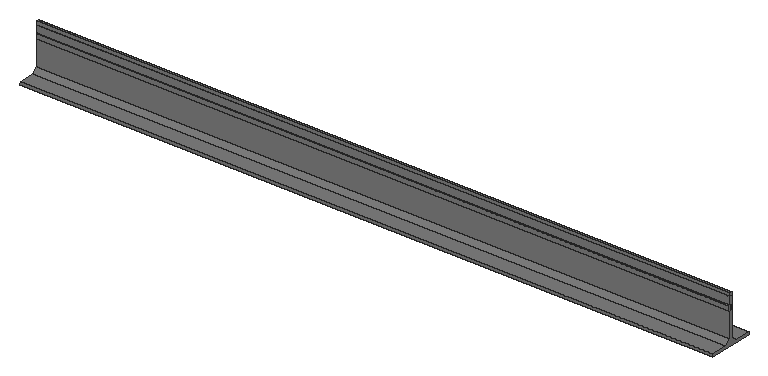
Revit family "K-Form_K135_p_i_t_5021200", category Generic Models, Revit 2020
Family settings
  Can host rebar = No
  Round Connector Dimension = Use Diameter
  Part Type = Normal
  Work Plane-Based = Yes
  Always vertical = No
  Cut with Voids When Loaded = No
  Shared = No
  Room Calculation Point = No
Parameters (values of type "K-Form K135 w. Raiser")
  Yes/No Topliste [instance] = yes
  Yes/No Raiser = yes
  Website Link [instance] = "https://www.haucon.fi/tuotteet/liikuntasaumalaitteet/k-form-valurajaaja-ja-liikuntasaumalaite/44/k-form"
  URL = ""
  Total Length [instance] = 2440 mm
  Technical Data Sheet [instance] = ""
  Plastic = PVC
  List Height = 164 mm
  K-Form Height = 135 mm
  Default Elevation = 1219.2 mm
Types (5, lengths in mm): name | Yes/No Raiser | List Height | K-Form Height
  (no name) | yes | 164 | 135
  K-Form K85 w. Raiser | yes | 114 | 85
  K-Form K135 | no | 135 | 135
  K-Form K85 | no | 85 | 85
  K-Form K135 w. Raiser | yes | 164 | 135
Reference planes
  plane 1 "Center (Front/Back)": y = 0
  plane 2: z = 0
  plane 3 "Center (Left/Right)": x = 0
  plane 4 "Total width": y = 155
  plane 5 "Total length": x = 2440
  plane 6 "Top Height": z = 25.455
  plane 7 "Total height": z = 135
Forms (mm)
  Extrusion 1, solid, material "PVC" <- "Plastic"
    sketch origin (0, 0, 0) x (0, 1, 0) y (0, 0, 1)
      loop
        line (0, 0) -> (155, 0) -> (155, 10) -> (97.91, 10) -> (82.455, 25.455) -> (82.455, 130.967) -> (79.455, 130.967) -> (79.455, 135) -> (75.455, 135) -> (75.455, 130.967) -> (72.455, 130.967) -> (72.455, 26.204) -> (56.251, 10) -> (0, 10) -> (0, 0)
    from 0 to 2440
Dimensions and locks
  "Total Length": plane 3 "Center (Left/Right)" to plane 5 "Total length"
  locked: plane 6 "Top Height" to Extrusion 1 sketch curve at 25.455
  locked: Extrusion 1 sketch curve to Extrusion 1 sketch curve at 10
  "K-Form Height": plane 7 "Total height" to level
  "List Height": nested 1 to level
  aligned and locked: level to plane 2
  aligned and locked: plane 4 "Total width" to Extrusion 1 sketch curve
  aligned and locked: plane 1 "Center (Front/Back)" to Extrusion 1 sketch curve
  aligned and locked: Extrusion 1 to plane 3 "Center (Left/Right)"
  aligned and locked: Extrusion 1 to plane 5 "Total length"
  aligned and locked: Extrusion 1 sketch curve to Extrusion 1 sketch curve
  aligned and locked: plane 5 "Total length" to nested 1
  aligned and locked: plane 3 "Center (Left/Right)" to nested 1
  aligned and locked: nested 2 to Extrusion 1  (x2)
  aligned and locked: nested 1 to Extrusion 1
  aligned and locked: plane 5 "Total length" to nested 2
Automatic sketch dimensions
  Extrusion 1 sketch curve to plane 7 "Total height" = 0 mm
  Extrusion 1 sketch curve to plane 6 "Top Height" = 0 mm
  level to Extrusion 1 sketch curve = 10 mm
  Extrusion 1 sketch curve to plane 1 "Center (Front/Back)" = 56.251 mm
  plane 6 "Top Height" to Extrusion 1 sketch curve = 0.749 mm
  Extrusion 1 sketch curve to Extrusion 1 sketch curve = 16.204 mm
  Extrusion 1 sketch curve to Extrusion 1 sketch curve = 3 mm
  Extrusion 1 sketch curve to Extrusion 1 sketch curve = 4 mm
  Extrusion 1 sketch curve to Extrusion 1 sketch curve = 10 mm
  Extrusion 1 sketch curve to Extrusion 1 sketch curve = 15.455 mm
  Extrusion 1 sketch curve to plane 7 "Total height" = 4.033 mm
Nested families
  nested 1: "K-Form_Topliste_p_i_5021204" at (0, 72.455, 160), visible <- "Yes/No Topliste", Total Length <- "Total Length", type "K-Form_Topliste_p_i_5021204"
    with Website Link "https://haucon.dk/produkt/k-form-gulvleder/#variations", Total Length 2440 mm, Technical Data Sheet "", Plastic PVC
  nested 2: "K-Form_Forhøjerliste_p_i_5021203" at (0, 49.424, 105), visible <- "Yes/No Raiser", type "K-Form_Forhøjerliste_p_i_5021203"
    with Website Link "https://haucon.dk/produkt/k-form-gulvleder/#variations", Total Length 2440 mm, Technical Data Sheet "", Plastic PVC
Definition of nested family "K-Form_Topliste_p_i_5021204"
  Parameters (values of type "K-Form_Topliste_p_i_5021204")
    Yes/No visibility = yes
    Website Link [instance] = "https://haucon.dk/produkt/k-form-gulvleder/#variations"
    URL = ""
    Total Length [instance] = 2440 mm
    Technical Data Sheet [instance] = ""
    Plastic [instance] = none
    Default Elevation = 1219.2 mm
  Reference planes
    plane 1 "Center (Front/Back)": y = 0
    plane 2: z = 0
    plane 3 "Center (Left/Right)": x = 0
    plane 4 "Total length": x = 2440
    plane 5 "Total Height": z = 10.027
    plane 6 "Total width": y = 10
  Forms (mm)
    Extrusion 1, solid, visible <- "Yes/No visibility"
      sketch origin (0, -72.455, -79.479) x (0, 1, 0) y (0, 0, 1)
        loop
          line (79.455, 79.479) -> (82.455, 79.479) -> (82.455, 89.506) -> (72.455, 89.506) -> (72.455, 79.479) -> (75.455, 79.479) -> (75.455, 83.479) -> (79.455, 83.479) -> (79.455, 79.479)
        loop
          line (79.455, 86.906) -> (75.455, 86.906) -> (75.455, 85.406) -> (79.455, 85.406) -> (79.455, 86.906)
      from 0 to 2440
  Dimensions and locks
    "Total Length": plane 3 "Center (Left/Right)" to plane 4 "Total length"
    plane 5 "Total Height" to level = 10.027 mm
    plane 6 "Total width" to plane 1 "Center (Front/Back)" = 10 mm
    aligned and locked: level to plane 2
    aligned and locked: Extrusion 1 sketch curve to plane 6 "Total width"
    aligned and locked: Extrusion 1 sketch curve to plane 5 "Total Height"
    aligned and locked: Extrusion 1 to plane 4 "Total length"
    aligned and locked: Extrusion 1 to plane 3 "Center (Left/Right)"
  Automatic sketch dimensions
    Extrusion 1 sketch curve to level = 0 mm  (x2)
    Extrusion 1 sketch curve to plane 1 "Center (Front/Back)" = 0 mm
    Extrusion 1 sketch curve to plane 1 "Center (Front/Back)" = 3 mm
    Extrusion 1 sketch curve to Extrusion 1 sketch curve = 0 mm  (x2)
    Extrusion 1 sketch curve to plane 6 "Total width" = 3 mm
    level to Extrusion 1 sketch curve = 4 mm
    Extrusion 1 sketch curve to Extrusion 1 sketch curve = 1.927 mm
    Extrusion 1 sketch curve to Extrusion 1 sketch curve = 1.5 mm
Definition of nested family "K-Form_Forhøjerliste_p_i_5021203"
  Parameters (values of type "K-Form_Forhøjerliste_p_i_5021203")
    Yes/No Raiser = yes
    Website Link [instance] = "https://haucon.dk/produkt/k-form-gulvleder/#variations"
    URL = ""
    Total Length [instance] = 2440 mm
    Top Height = 30 mm
    Technical Data Sheet [instance] = ""
    Plastic [instance] = none
    Default Elevation = 1219.2 mm
  Reference planes
    plane 1 "Center (Front/Back)": y = 0
    plane 2: z = 0
    plane 3 "Center (Left/Right)": x = 0
    plane 4 "Total length": x = 2440
    plane 5: z = 30
  Forms (mm)
    Extrusion 1, solid, visible <- "Yes/No Raiser"
      sketch origin (0, -49.424, -46.775) x (0, 1, 0) y (0, 0, 1)
        loop
          line (79.455, 76.775) -> (79.455, 72.742) -> (82.455, 72.742) -> (82.455, 55.723) -> (84.455, 55.723) -> (84.455, 72.742) -> (82.455, 74.742) -> (82.455, 101.759) -> (79.455, 101.759) -> (79.455, 105.759) -> (75.455, 105.759) -> (75.455, 101.759) -> (72.455, 101.759) -> (72.455, 74.742) -> (70.455, 72.742) -> (70.455, 55.723) -> (72.455, 55.723) -> (72.455, 72.742) -> (75.455, 72.742) -> (75.455, 76.775) -> (79.455, 76.775)
      from 0 to 2440
  Dimensions and locks
    "Total Length": plane 3 "Center (Left/Right)" to plane 4 "Total length"
    "Top Height": plane 5 to level
    aligned and locked: level to plane 2
    aligned and locked: plane 4 "Total length" to Extrusion 1
    aligned and locked: Extrusion 1 to plane 3 "Center (Left/Right)"
    aligned and locked: plane 5 to Extrusion 1
  Automatic sketch dimensions
    Extrusion 1 sketch curve to plane 1 "Center (Front/Back)" = 21.03 mm
    Extrusion 1 sketch curve to Extrusion 1 sketch curve = 2 mm  (x6)
    Extrusion 1 sketch curve to plane 1 "Center (Front/Back)" = 23.03 mm
    Extrusion 1 sketch curve to Extrusion 1 sketch curve = 3 mm  (x3)
    Extrusion 1 sketch curve to Extrusion 1 sketch curve = 4 mm  (x3)
    Extrusion 1 sketch curve to Extrusion 1 sketch curve = 10 mm
    Extrusion 1 sketch curve to Extrusion 1 sketch curve = 0 mm  (x3)
    Extrusion 1 sketch curve to Extrusion 1 sketch curve = 27.017 mm
    Extrusion 1 sketch curve to Extrusion 1 sketch curve = 2.033 mm
    level to Extrusion 1 sketch curve = 8.948 mm
    Extrusion 1 sketch curve to Extrusion 1 sketch curve = 17.019 mm
